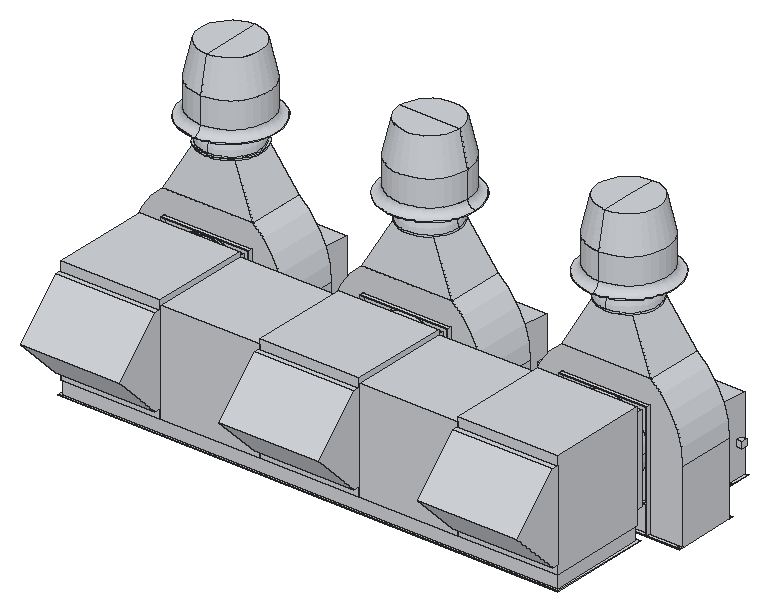
Revit family "Triple_CAVP_with_Mixing_Box", category Mechanical Equipment, Revit 2019 (continued)
Types (228): name | TRIP_Q | TRANSITION/2 | TRANSITION | RO2/2 | RO/2 | MB_P+MB_P+.5 | E/52*30 | E/2-H/2 | E-N-N-H | E-(NOZZLE_RAD/3*2) | TRIP_Q-4.5" | DUAL_Q+.25" | DUAL_Q | R-((B/2)+1.5") | R+((B/2)+1.5") | R*1.1 | R | MB_P-4.5" | MB_P+.25" | P | NOZZLE_WB_RAD-2" | NOZZLE_WB_RAD | NOZZLE_WB_OD | NOZZLE_WB/4 | NOZZLE_TOP_RAD | NOZZLE_TOP_OD | NOZZLE_SIZE | NOZZLE_HEIGHT/7*2 | NOZZLE_HEIGHT | NOZZLE_BOTTOM_RAD-3*2 | NOZZLE_BOTTOM_RAD | NOZZLE_BOTTOM_ID | MB_N-(D-J-K-L) | N+(H/2) | N | MB_Q | MB_P | MB_N | MB_HEIGHT/2 | MB_HEIGHT | MB_F | MB_A | M-(2*(D-L-K-J)) | M | L | K | J+K+L | J | HEIGHT | H/2 | H | F/2 | MB_F-3" | F | E/52*15 | E/2 | E | D-M | D-L-K-J | D | CLASS | C/2 | C | B/4 | B/2 | B | A/2 | A | Type Comments | -MB_P-.25 | -MB_P | -MB_HEIGHT | -(F-((F-H)/2))/2 | -((MB_Q / 2) + 1/8") | (NOZZLE_WB_OD - NOZZLE_TOP_OD) / 4 | (NOZZLE_HEIGHT - (NOZZLE_HEIGHT / 8 * 2)) / 2 | (MB_Q/2)+.125" | (MB_P/2-.125")-((F / 2) - 2") | (MB_P/2-.125")+((F / 2) - 2") | (MB_P/2)+.125" | (M - (2 * (D - L - K - J)))/2 | (F-((F-H)/2))/2 | (E/2)-(E/52*15) | (E/2)-((MB_P/2)+.125") | (E/2)-((B/2)+1.5") | (D-J-K-L)*2 | (B/2)-.125" | (B/2)+1.5" | ((M - (2 * (D - L - K - J))) / 2) + (TRANSITION / 2)
  Triple_300_CAVP-12H_CLASS_1_With_Mixing_Box | 230 3/4" | 6.0325" | 12.06501" | 113 1/8" | 20 3/4" | 92 1/2" | 36.77885" | 14 3/16" | 2" | 26 3/16" | 226 1/4" | 138 5/8" | 138 3/8" | 11 1/32" | 48 31/32" | 33" | 30" | 41 1/2" | 46 1/4" | 60" | 12" | 14" | 28" | 5.6" | 9 3/4" | 19 1/2" | 12" | 8" | 32" | 2 17/32" | 8 17/32" | 17 1/16" | 13 3/16" | 29 7/8" | 12 3/16" | 46" | 46" | 14 3/16" | 25 3/8" | 50 3/4" | 7 3/4" | 140 1/8" | 23 3/16" | 25 3/16" | 27 3/16" | 19 1/8" | 56 5/16" | 10" | 57.83963" | 17 11/16" | 35 3/8" | 18 11/16" | 4 3/4" | 37 3/8" | 18.38942" | 31 7/8" | 63 3/4" | 32 1/8" | 1" | 57 5/16" | 1" | 37 15/32" | 74 15/16" | 8 47/64" | 17 15/32" | 34 15/16" | 61 7/32" | 122 7/16" | "Triple Vari-Plume Laboratory Exhaust Centrifugal Airfoil Class 1 Arr 10 With Mixing Box" | -46 1/4" | -46" | -50 3/4" | -16 11/16" | -23 1/8" | 2 1/8" | 12" | 23 1/8" | -6 3/16" | -39 9/16" | 23 1/8" | 11 19/32" | 16 11/16" | 13.48558" | 8 3/4" | 12 29/32" | 2" | 17 11/32" | 18 31/32" | 17.62625"
  Triple_300_CAVP-15L_CLASS_1_With_Mixing_Box | 230 3/4" | 7.5572" | 15.11441" | 113 1/8" | 20 3/4" | 92 1/2" | 36.77885" | 14 3/16" | 2" | 24 3/4" | 226 1/4" | 138 5/8" | 138 3/8" | 11 1/32" | 48 31/32" | 33" | 30" | 41 1/2" | 46 1/4" | 60" | 16" | 18" | 36" | 7.2" | 11 1/2" | 23" | 15" | 10 3/4" | 43" | 4 11/16" | 10 11/16" | 21 3/8" | 13 3/16" | 29 7/8" | 12 3/16" | 46" | 46" | 14 3/16" | 25 3/8" | 50 3/4" | 7 3/4" | 140 1/8" | 23 3/16" | 25 3/16" | 27 3/16" | 19 1/8" | 56 5/16" | 10" | 57.83963" | 17 11/16" | 35 3/8" | 18 11/16" | 4 3/4" | 37 3/8" | 18.38942" | 31 7/8" | 63 3/4" | 32 1/8" | 1" | 57 5/16" | 1" | 37 15/32" | 74 15/16" | 8 47/64" | 17 15/32" | 34 15/16" | 61 7/32" | 122 7/16" | "Triple Vari-Plume Laboratory Exhaust Centrifugal Airfoil Class 1 Arr 10 With Mixing Box" | -46 1/4" | -46" | -50 3/4" | -16 11/16" | -23 1/8" | 3 1/4" | 16 1/8" | 23 1/8" | -6 3/16" | -39 9/16" | 23 1/8" | 11 19/32" | 16 11/16" | 13.48558" | 8 3/4" | 12 29/32" | 2" | 17 11/32" | 18 31/32" | 19.15095"
  Triple_300_CAVP-15H_CLASS_1_With_Mixing_Box | 230 3/4" | 7.5572" | 15.11441" | 113 1/8" | 20 3/4" | 92 1/2" | 36.77885" | 14 3/16" | 2" | 24 3/4" | 226 1/4" | 138 5/8" | 138 3/8" | 11 1/32" | 48 31/32" | 33" | 30" | 41 1/2" | 46 1/4" | 60" | 16" | 18" | 36" | 7.2" | 11 1/2" | 23" | 15" | 10 3/4" | 43" | 4 11/16" | 10 11/16" | 21 3/8" | 13 3/16" | 29 7/8" | 12 3/16" | 46" | 46" | 14 3/16" | 25 3/8" | 50 3/4" | 7 3/4" | 140 1/8" | 23 3/16" | 25 3/16" | 27 3/16" | 19 1/8" | 56 5/16" | 10" | 57.83963" | 17 11/16" | 35 3/8" | 18 11/16" | 4 3/4" | 37 3/8" | 18.38942" | 31 7/8" | 63 3/4" | 32 1/8" | 1" | 57 5/16" | 1" | 37 15/32" | 74 15/16" | 8 47/64" | 17 15/32" | 34 15/16" | 61 7/32" | 122 7/16" | "Triple Vari-Plume Laboratory Exhaust Centrifugal Airfoil Class 1 Arr 10 With Mixing Box" | -46 1/4" | -46" | -50 3/4" | -16 11/16" | -23 1/8" | 3 1/4" | 16 1/8" | 23 1/8" | -6 3/16" | -39 9/16" | 23 1/8" | 11 19/32" | 16 11/16" | 13.48558" | 8 3/4" | 12 29/32" | 2" | 17 11/32" | 18 31/32" | 19.15095"
  Triple_300_CAVP-18L_CLASS_1_With_Mixing_Box | 230 3/4" | 9.05981" | 18.11961" | 113 1/8" | 20 3/4" | 92 1/2" | 36.77885" | 14 3/16" | 2" | 23.33333" | 226 1/4" | 138 5/8" | 138 3/8" | 11 1/32" | 48 31/32" | 33" | 30" | 41 1/2" | 46 1/4" | 60" | 19 1/2" | 21 1/2" | 43" | 8.6" | 13 3/4" | 27 1/2" | 18" | 12" | 48" | 6 13/16" | 12 13/16" | 25 5/8" | 13 3/16" | 29 7/8" | 12 3/16" | 46" | 46" | 14 3/16" | 25 3/8" | 50 3/4" | 140 1/8" | 248 1/128" | 23 3/16" | 25 3/16" | 27 3/16" | 19 1/8" | 56 5/16" | 10" | 57.83963" | 17 11/16" | 35 3/8" | 18 11/16" | 137 1/8" | 37 3/8" | 18.38942" | 31 7/8" | 63 3/4" | 32 1/8" | 1" | 57 5/16" | 1" | 37 15/32" | 74 15/16" | 8 47/64" | 17 15/32" | 34 15/16" | 61 7/32" | 122 7/16" | "Triple Vari-Plume Laboratory Exhaust Centrifugal Airfoil Class 1 Arr 10 With Mixing Box" | -46 1/4" | -46" | -50 3/4" | -16 11/16" | -23 1/8" | 3 7/8" | 18" | 23 1/8" | -6 3/16" | -39 9/16" | 23 1/8" | 11 19/32" | 16 11/16" | 13.48558" | 8 3/4" | 12 29/32" | 2" | 17 11/32" | 18 31/32" | 20.65356"
  Triple_300_CAVP-18H_CLASS_1_With_Mixing_Box | 230 3/4" | 9.05981" | 18.11961" | 113 1/8" | 20 3/4" | 92 1/2" | 36.77885" | 14 3/16" | 2" | 23.33333" | 226 1/4" | 138 5/8" | 138 3/8" | 11 1/32" | 48 31/32" | 33" | 30" | 41 1/2" | 46 1/4" | 60" | 19 1/2" | 21 1/2" | 43" | 8.6" | 13 3/4" | 27 1/2" | 18" | 12" | 48" | 6 13/16" | 12 13/16" | 25 5/8" | 13 3/16" | 29 7/8" | 12 3/16" | 46" | 46" | 14 3/16" | 25 3/8" | 50 3/4" | 7 3/4" | 140 1/8" | 23 3/16" | 25 3/16" | 27 3/16" | 19 1/8" | 56 5/16" | 10" | 57.83963" | 17 11/16" | 35 3/8" | 18 11/16" | 4 3/4" | 37 3/8" | 18.38942" | 31 7/8" | 63 3/4" | 32 1/8" | 1" | 57 5/16" | 1" | 37 15/32" | 74 15/16" | 8 47/64" | 17 15/32" | 34 15/16" | 61 7/32" | 122 7/16" | "Triple Vari-Plume Laboratory Exhaust Centrifugal Airfoil Class 1 Arr 10 With Mixing Box" | -46 1/4" | -46" | -50 3/4" | -16 11/16" | -23 1/8" | 3 7/8" | 18" | 23 1/8" | -6 3/16" | -39 9/16" | 23 1/8" | 11 19/32" | 16 11/16" | 13.48558" | 8 3/4" | 12 29/32" | 2" | 17 11/32" | 18 31/32" | 20.65356"
  Triple_300_CAVP-12L_CLASS_2_With_Mixing_Box | 230 3/4" | 6.0325" | 12.06501" | 113 1/8" | 20 3/4" | 92 1/2" | 36.77885" | 14 3/16" | 2" | 26 3/16" | 226 1/4" | 138 5/8" | 138 3/8" | 11 1/32" | 48 31/32" | 33" | 30" | 41 1/2" | 46 1/4" | 18 1/4" | 12" | 14" | 28" | 5.6" | 9 3/4" | 19 1/2" | 12" | 8" | 32" | 2 17/32" | 8 17/32" | 17 1/16" | 13 3/16" | 29 7/8" | 12 3/16" | 46" | 46" | 14 3/16" | 25 3/8" | 50 3/4" | 7 3/4" | 144" | 23 3/16" | 25 3/16" | 27 3/16" | 23" | 60 3/16" | 10" | 57.83963" | 17 11/16" | 35 3/8" | 18 11/16" | 4 3/4" | 37 3/8" | 18.38942" | 31 7/8" | 63 3/4" | 36" | 1" | 61 3/16" | 2" | 37 15/32" | 74 15/16" | 8 47/64" | 17 15/32" | 34 15/16" | 61 7/32" | 122 7/16" | "Triple Vari-Plume Laboratory Exhaust Centrifugal Airfoil Class 2 Arr 10 With Mixing Box" | -46 1/4" | -46" | -50 3/4" | -16 11/16" | -23 1/8" | 2 1/8" | 12" | 23 1/8" | -6 3/16" | -39 9/16" | 23 1/8" | 11 19/32" | 16 11/16" | 13.48558" | 8 3/4" | 12 29/32" | 2" | 17 11/32" | 18 31/32" | 17.62625"
  Triple_300_CAVP-12H_CLASS_2_With_Mixing_Box | 230 3/4" | 6.0325" | 12.06501" | 113 1/8" | 20 3/4" | 92 1/2" | 36.77885" | 14 3/16" | 2" | 26 3/16" | 226 1/4" | 138 5/8" | 138 3/8" | 11 1/32" | 48 31/32" | 33" | 30" | 41 1/2" | 46 1/4" | 18 1/4" | 12" | 14" | 28" | 5.6" | 9 3/4" | 19 1/2" | 12" | 8" | 32" | 2 17/32" | 8 17/32" | 17 1/16" | 13 3/16" | 29 7/8" | 12 3/16" | 46" | 46" | 14 3/16" | 25 3/8" | 50 3/4" | 7 3/4" | 144" | 23 3/16" | 25 3/16" | 27 3/16" | 23" | 60 3/16" | 10" | 57.83963" | 17 11/16" | 35 3/8" | 18 11/16" | 4 3/4" | 37 3/8" | 18.38942" | 31 7/8" | 63 3/4" | 36" | 1" | 61 3/16" | 2" | 37 15/32" | 74 15/16" | 8 47/64" | 17 15/32" | 34 15/16" | 61 7/32" | 122 7/16" | "Triple Vari-Plume Laboratory Exhaust Centrifugal Airfoil Class 2 Arr 10 With Mixing Box" | -46 1/4" | -46" | -50 3/4" | -16 11/16" | -23 1/8" | 2 1/8" | 12" | 23 1/8" | -6 3/16" | -39 9/16" | 23 1/8" | 11 19/32" | 16 11/16" | 13.48558" | 8 3/4" | 12 29/32" | 2" | 17 11/32" | 18 31/32" | 17.62625"
  Triple_300_CAVP-15L_CLASS_2_With_Mixing_Box | 230 3/4" | 7.5572" | 15.11441" | 113 1/8" | 20 3/4" | 92 1/2" | 36.77885" | 14 3/16" | 2" | 24 3/4" | 226 1/4" | 138 5/8" | 138 3/8" | 11 1/32" | 48 31/32" | 33" | 30" | 41 1/2" | 46 1/4" | 18 1/4" | 16" | 18" | 36" | 7.2" | 11 1/2" | 23" | 15" | 10 3/4" | 43" | 4 11/16" | 10 11/16" | 21 3/8" | 13 3/16" | 29 7/8" | 12 3/16" | 46" | 46" | 14 3/16" | 25 3/8" | 50 3/4" | 7 3/4" | 144" | 23 3/16" | 25 3/16" | 27 3/16" | 23" | 60 3/16" | 10" | 57.83963" | 17 11/16" | 35 3/8" | 18 11/16" | 4 3/4" | 37 3/8" | 18.38942" | 31 7/8" | 63 3/4" | 36" | 1" | 61 3/16" | 2" | 37 15/32" | 74 15/16" | 8 47/64" | 17 15/32" | 34 15/16" | 61 7/32" | 122 7/16" | "Triple Vari-Plume Laboratory Exhaust Centrifugal Airfoil Class 2 Arr 10 With Mixing Box" | -46 1/4" | -46" | -50 3/4" | -16 11/16" | -23 1/8" | 3 1/4" | 16 1/8" | 23 1/8" | -6 3/16" | -39 9/16" | 23 1/8" | 11 19/32" | 16 11/16" | 13.48558" | 8 3/4" | 12 29/32" | 2" | 17 11/32" | 18 31/32" | 19.15095"
  Triple_300_CAVP-15H_CLASS_2_With_Mixing_Box | 230 3/4" | 7.5572" | 15.11441" | 113 1/8" | 20 3/4" | 92 1/2" | 36.77885" | 14 3/16" | 2" | 24 3/4" | 226 1/4" | 138 5/8" | 138 3/8" | 11 1/32" | 48 31/32" | 33" | 30" | 41 1/2" | 46 1/4" | 18 1/4" | 16" | 18" | 36" | 7.2" | 11 1/2" | 23" | 15" | 10 3/4" | 43" | 4 11/16" | 10 11/16" | 21 3/8" | 13 3/16" | 29 7/8" | 12 3/16" | 46" | 46" | 14 3/16" | 25 3/8" | 50 3/4" | 7 3/4" | 144" | 23 3/16" | 25 3/16" | 27 3/16" | 23" | 60 3/16" | 10" | 57.83963" | 17 11/16" | 35 3/8" | 18 11/16" | 4 3/4" | 37 3/8" | 18.38942" | 31 7/8" | 63 3/4" | 36" | 1" | 61 3/16" | 2" | 37 15/32" | 74 15/16" | 8 47/64" | 17 15/32" | 34 15/16" | 61 7/32" | 122 7/16" | "Triple Vari-Plume Laboratory Exhaust Centrifugal Airfoil Class 2 Arr 10 With Mixing Box" | -46 1/4" | -46" | -50 3/4" | -16 11/16" | -23 1/8" | 3 1/4" | 16 1/8" | 23 1/8" | -6 3/16" | -39 9/16" | 23 1/8" | 11 19/32" | 16 11/16" | 13.48558" | 8 3/4" | 12 29/32" | 2" | 17 11/32" | 18 31/32" | 19.15095"
  Triple_300_CAVP-18L_CLASS_2_With_Mixing_Box | 230 3/4" | 9.05981" | 18.11961" | 113 1/8" | 20 3/4" | 92 1/2" | 36.77885" | 14 3/16" | 2" | 23.33333" | 226 1/4" | 138 5/8" | 138 3/8" | 11 1/32" | 48 31/32" | 33" | 30" | 41 1/2" | 46 1/4" | 18 1/4" | 19 1/2" | 21 1/2" | 43" | 8.6" | 13 3/4" | 27 1/2" | 18" | 12" | 48" | 6 13/16" | 12 13/16" | 25 5/8" | 13 3/16" | 29 7/8" | 12 3/16" | 46" | 46" | 14 3/16" | 25 3/8" | 50 3/4" | 7 3/4" | 144" | 23 3/16" | 25 3/16" | 27 3/16" | 23" | 60 3/16" | 10" | 57.83963" | 17 11/16" | 35 3/8" | 18 11/16" | 4 3/4" | 37 3/8" | 18.38942" | 31 7/8" | 63 3/4" | 36" | 1" | 61 3/16" | 2" | 37 15/32" | 74 15/16" | 8 47/64" | 17 15/32" | 34 15/16" | 61 7/32" | 122 7/16" | "Triple Vari-Plume Laboratory Exhaust Centrifugal Airfoil Class 2 Arr 10 With Mixing Box" | -46 1/4" | -46" | -50 3/4" | -16 11/16" | -23 1/8" | 3 7/8" | 18" | 23 1/8" | -6 3/16" | -39 9/16" | 23 1/8" | 11 19/32" | 16 11/16" | 13.48558" | 8 3/4" | 12 29/32" | 2" | 17 11/32" | 18 31/32" | 20.65356"
  Triple_300_CAVP-18H_CLASS_2_With_Mixing_Box | 230 3/4" | 9.05981" | 18.11961" | 113 1/8" | 20 3/4" | 92 1/2" | 36.77885" | 14 3/16" | 2" | 23.33333" | 226 1/4" | 138 5/8" | 138 3/8" | 11 1/32" | 48 31/32" | 33" | 30" | 41 1/2" | 46 1/4" | 18 1/4" | 19 1/2" | 21 1/2" | 43" | 8.6" | 13 3/4" | 27 1/2" | 18" | 12" | 48" | 6 13/16" | 12 13/16" | 25 5/8" | 13 3/16" | 29 7/8" | 12 3/16" | 46" | 46" | 14 3/16" | 25 3/8" | 50 3/4" | 7 3/4" | 144" | 23 3/16" | 25 3/16" | 27 3/16" | 23" | 60 3/16" | 10" | 57.83963" | 17 11/16" | 35 3/8" | 18 11/16" | 4 3/4" | 37 3/8" | 18.38942" | 31 7/8" | 63 3/4" | 36" | 1" | 61 3/16" | 2" | 37 15/32" | 74 15/16" | 8 47/64" | 17 15/32" | 34 15/16" | 61 7/32" | 122 7/16" | "Triple Vari-Plume Laboratory Exhaust Centrifugal Airfoil Class 2 Arr 10 With Mixing Box" | -46 1/4" | -46" | -50 3/4" | -16 11/16" | -23 1/8" | 3 7/8" | 18" | 23 1/8" | -6 3/16" | -39 9/16" | 23 1/8" | 11 19/32" | 16 11/16" | 13.48558" | 8 3/4" | 12 29/32" | 2" | 17 11/32" | 18 31/32" | 20.65356"
  Triple_330_CAVP-15L_CLASS_1_With_Mixing_Box | 245 3/4" | 7.5572" | 15.11441" | 120 5/8" | 22 1/4" | 98 1/2" | 40.34856" | 15 25/32" | 2" | 27 27/32" | 241 1/4" | 147 5/8" | 147 3/8" | 12 17/32" | 53 15/32" | 36.3" | 33" | 44 1/2" | 49 1/4" | 60" | 16" | 18" | 36" | 7.2" | 11 1/2" | 23" | 15" | 10 3/4" | 43" | 4 11/16" | 10 11/16" | 21 3/8" | 13 3/16" | 32 31/32" | 13 25/32" | 49" | 49" | 14 3/16" | 26 7/8" | 53 3/4" | 9 1/4" | 148 1/16" | 25 1/2" | 27 1/2" | 29 1/2" | 19 1/4" | 59 1/4" | 10 1/2" | 63.54171" | 19 3/16" | 38 3/8" | 20 3/16" | 6 1/4" | 40 3/8" | 20.17428" | 34 31/32" | 69 15/16" | 32 3/4" | 1" | 60 1/4" | 1" | 41 13/32" | 82 13/16" | 9 31/64" | 18 31/32" | 37 15/16" | 72 7/32" | 144 7/16" | "Triple Vari-Plume Laboratory Exhaust Centrifugal Airfoil Class 1 Arr 10 With Mixing Box" | -49 1/4" | -49" | -53 3/4" | -18 3/16" | -24 5/8" | 3 1/4" | 16 1/8" | 24 5/8" | -6 3/16" | -42 9/16" | 24 5/8" | 12 3/4" | 18 3/16" | 14.79447" | 10 11/32" | 14 1/2" | 2" | 18 27/32" | 20 15/32" | 20.3072"
  Triple_330_CAVP-15H_CLASS_1_With_Mixing_Box | 245 3/4" | 7.5572" | 15.11441" | 120 5/8" | 22 1/4" | 98 1/2" | 40.34856" | 15 25/32" | 2" | 27 27/32" | 241 1/4" | 147 5/8" | 147 3/8" | 12 17/32" | 53 15/32" | 36.3" | 33" | 44 1/2" | 49 1/4" | 60" | 16" | 18" | 36" | 7.2" | 11 1/2" | 23" | 15" | 10 3/4" | 43" | 4 11/16" | 10 11/16" | 21 3/8" | 13 3/16" | 32 31/32" | 13 25/32" | 49" | 49" | 14 3/16" | 26 7/8" | 53 3/4" | 9 1/4" | 148 1/16" | 25 1/2" | 27 1/2" | 29 1/2" | 19 1/4" | 59 1/4" | 10 1/2" | 63.54171" | 19 3/16" | 38 3/8" | 20 3/16" | 6 1/4" | 40 3/8" | 20.17428" | 34 31/32" | 69 15/16" | 32 3/4" | 1" | 60 1/4" | 1" | 41 13/32" | 82 13/16" | 9 31/64" | 18 31/32" | 37 15/16" | 72 7/32" | 144 7/16" | "Triple Vari-Plume Laboratory Exhaust Centrifugal Airfoil Class 1 Arr 10 With Mixing Box" | -49 1/4" | -49" | -53 3/4" | -18 3/16" | -24 5/8" | 3 1/4" | 16 1/8" | 24 5/8" | -6 3/16" | -42 9/16" | 24 5/8" | 12 3/4" | 18 3/16" | 14.79447" | 10 11/32" | 14 1/2" | 2" | 18 27/32" | 20 15/32" | 20.3072"
  Triple_330_CAVP-18L_CLASS_1_With_Mixing_Box | 245 3/4" | 9.05981" | 18.11961" | 120 5/8" | 22 1/4" | 98 1/2" | 40.34856" | 15 25/32" | 2" | 26.42708" | 241 1/4" | 147 5/8" | 147 3/8" | 12 17/32" | 53 15/32" | 36.3" | 33" | 44 1/2" | 49 1/4" | 60" | 19 1/2" | 21 1/2" | 43" | 8.6" | 13 3/4" | 27 1/2" | 18" | 12" | 48" | 6 13/16" | 12 13/16" | 25 5/8" | 13 3/16" | 32 31/32" | 13 25/32" | 49" | 49" | 14 3/16" | 26 7/8" | 53 3/4" | 9 1/4" | 148 1/16" | 25 1/2" | 27 1/2" | 29 1/2" | 19 1/4" | 59 1/4" | 10 1/2" | 63.54171" | 19 3/16" | 38 3/8" | 20 3/16" | 6 1/4" | 40 3/8" | 20.17428" | 34 31/32" | 69 15/16" | 32 3/4" | 1" | 60 1/4" | 1" | 41 13/32" | 82 13/16" | 9 31/64" | 18 31/32" | 37 15/16" | 72 7/32" | 144 7/16" | "Triple Vari-Plume Laboratory Exhaust Centrifugal Airfoil Class 1 Arr 10 With Mixing Box" | -49 1/4" | -49" | -53 3/4" | -18 3/16" | -24 5/8" | 3 7/8" | 18" | 24 5/8" | -6 3/16" | -42 9/16" | 24 5/8" | 12 3/4" | 18 3/16" | 14.79447" | 10 11/32" | 14 1/2" | 2" | 18 27/32" | 20 15/32" | 21.80981"
  Triple_330_CAVP-18H_CLASS_1_With_Mixing_Box | 245 3/4" | 9.05981" | 18.11961" | 120 5/8" | 22 1/4" | 98 1/2" | 40.34856" | 15 25/32" | 2" | 26.42708" | 241 1/4" | 147 5/8" | 147 3/8" | 12 17/32" | 53 15/32" | 36.3" | 33" | 44 1/2" | 49 1/4" | 60" | 19 1/2" | 21 1/2" | 43" | 8.6" | 13 3/4" | 27 1/2" | 18" | 12" | 48" | 6 13/16" | 12 13/16" | 25 5/8" | 13 3/16" | 32 31/32" | 13 25/32" | 49" | 49" | 14 3/16" | 26 7/8" | 53 3/4" | 9 1/4" | 148 1/16" | 25 1/2" | 27 1/2" | 29 1/2" | 19 1/4" | 59 1/4" | 10 1/2" | 63.54171" | 19 3/16" | 38 3/8" | 20 3/16" | 6 1/4" | 40 3/8" | 20.17428" | 34 31/32" | 69 15/16" | 32 3/4" | 1" | 60 1/4" | 1" | 41 13/32" | 82 13/16" | 9 31/64" | 18 31/32" | 37 15/16" | 72 7/32" | 144 7/16" | "Triple Vari-Plume Laboratory Exhaust Centrifugal Airfoil Class 1 Arr 10 With Mixing Box" | -49 1/4" | -49" | -53 3/4" | -18 3/16" | -24 5/8" | 3 7/8" | 18" | 24 5/8" | -6 3/16" | -42 9/16" | 24 5/8" | 12 3/4" | 18 3/16" | 14.79447" | 10 11/32" | 14 1/2" | 2" | 18 27/32" | 20 15/32" | 21.80981"
  Triple_330_CAVP-24L_CLASS_1_With_Mixing_Box | 245 3/4" | 12.28598" | 24.57196" | 120 5/8" | 22 1/4" | 98 1/2" | 40.34856" | 15 25/32" | 2" | 23.38542" | 241 1/4" | 147 5/8" | 147 3/8" | 12 17/32" | 53 15/32" | 36.3" | 33" | 44 1/2" | 49 1/4" | 60" | 28 1/2" | 30 1/2" | 61" | 12.2" | 18 1/4" | 36 1/2" | 24" | 15 1/2" | 62" | 11 3/8" | 17 3/8" | 34 3/4" | 13 3/16" | 32 31/32" | 13 25/32" | 49" | 49" | 14 3/16" | 26 7/8" | 53 3/4" | 9 1/4" | 148 1/16" | 25 1/2" | 27 1/2" | 29 1/2" | 19 1/4" | 59 1/4" | 10 1/2" | 63.54171" | 19 3/16" | 38 3/8" | 20 3/16" | 6 1/4" | 40 3/8" | 20.17428" | 34 31/32" | 69 15/16" | 32 3/4" | 1" | 60 1/4" | 1" | 41 13/32" | 82 13/16" | 9 31/64" | 18 31/32" | 37 15/16" | 72 7/32" | 144 7/16" | "Triple Vari-Plume Laboratory Exhaust Centrifugal Airfoil Class 1 Arr 10 With Mixing Box" | -49 1/4" | -49" | -53 3/4" | -18 3/16" | -24 5/8" | 6 1/8" | 23 1/4" | 24 5/8" | -6 3/16" | -42 9/16" | 24 5/8" | 12 3/4" | 18 3/16" | 14.79447" | 10 11/32" | 14 1/2" | 2" | 18 27/32" | 20 15/32" | 25.03598"
  Triple_330_CAVP-24H_CLASS_1_With_Mixing_Box | 245 3/4" | 12.28598" | 24.57196" | 120 5/8" | 22 1/4" | 98 1/2" | 40.34856" | 15 25/32" | 2" | 23.38542" | 241 1/4" | 147 5/8" | 147 3/8" | 12 17/32" | 53 15/32" | 36.3" | 33" | 44 1/2" | 49 1/4" | 60" | 28 1/2" | 30 1/2" | 61" | 12.2" | 18 1/4" | 36 1/2" | 24" | 15 1/2" | 62" | 11 3/8" | 17 3/8" | 34 3/4" | 13 3/16" | 32 31/32" | 13 25/32" | 49" | 49" | 14 3/16" | 26 7/8" | 53 3/4" | 9 1/4" | 148 1/16" | 25 1/2" | 27 1/2" | 29 1/2" | 19 1/4" | 59 1/4" | 10 1/2" | 63.54171" | 19 3/16" | 38 3/8" | 20 3/16" | 6 1/4" | 40 3/8" | 20.17428" | 34 31/32" | 69 15/16" | 32 3/4" | 1" | 60 1/4" | 1" | 41 13/32" | 82 13/16" | 9 31/64" | 18 31/32" | 37 15/16" | 72 7/32" | 144 7/16" | "Triple Vari-Plume Laboratory Exhaust Centrifugal Airfoil Class 1 Arr 10 With Mixing Box" | -49 1/4" | -49" | -53 3/4" | -18 3/16" | -24 5/8" | 6 1/8" | 23 1/4" | 24 5/8" | -6 3/16" | -42 9/16" | 24 5/8" | 12 3/4" | 18 3/16" | 14.79447" | 10 11/32" | 14 1/2" | 2" | 18 27/32" | 20 15/32" | 25.03598"
  Triple_330_CAVP-15L_CLASS_2_With_Mixing_Box | 245 3/4" | 7.5572" | 15.11441" | 120 5/8" | 22 1/4" | 98 1/2" | 40.34856" | 15 25/32" | 2" | 27 27/32" | 241 1/4" | 147 5/8" | 147 3/8" | 12 17/32" | 53 15/32" | 36.3" | 33" | 44 1/2" | 49 1/4" | 60" | 16" | 18" | 36" | 7.2" | 11 1/2" | 23" | 15" | 10 3/4" | 43" | 4 11/16" | 10 11/16" | 21 3/8" | 13 3/16" | 32 31/32" | 13 25/32" | 49" | 49" | 14 3/16" | 26 7/8" | 53 3/4" | 9 1/4" | 151 13/16" | 25 1/2" | 27 1/2" | 29 1/2" | 23" | 63" | 10 1/2" | 63.54171" | 19 3/16" | 38 3/8" | 20 3/16" | 6 1/4" | 40 3/8" | 20.17428" | 34 31/32" | 69 15/16" | 36 1/2" | 1" | 64" | 2" | 41 13/32" | 82 13/16" | 9 31/64" | 18 31/32" | 37 15/16" | 72 7/32" | 144 7/16" | "Triple Vari-Plume Laboratory Exhaust Centrifugal Airfoil Class 2 Arr 10 With Mixing Box" | -49 1/4" | -49" | -53 3/4" | -18 3/16" | -24 5/8" | 3 1/4" | 16 1/8" | 24 5/8" | -6 3/16" | -42 9/16" | 24 5/8" | 12 3/4" | 18 3/16" | 14.79447" | 10 11/32" | 14 1/2" | 2" | 18 27/32" | 20 15/32" | 20.3072"
  Triple_330_CAVP-15H_CLASS_2_With_Mixing_Box | 245 3/4" | 7.5572" | 15.11441" | 120 5/8" | 22 1/4" | 98 1/2" | 40.34856" | 15 25/32" | 2" | 27 27/32" | 241 1/4" | 147 5/8" | 147 3/8" | 12 17/32" | 53 15/32" | 36.3" | 33" | 44 1/2" | 49 1/4" | 60" | 16" | 18" | 36" | 7.2" | 11 1/2" | 23" | 15" | 10 3/4" | 43" | 4 11/16" | 10 11/16" | 21 3/8" | 13 3/16" | 32 31/32" | 13 25/32" | 49" | 49" | 14 3/16" | 26 7/8" | 53 3/4" | 9 1/4" | 151 13/16" | 25 1/2" | 27 1/2" | 29 1/2" | 23" | 63" | 10 1/2" | 63.54171" | 19 3/16" | 38 3/8" | 20 3/16" | 6 1/4" | 40 3/8" | 20.17428" | 34 31/32" | 69 15/16" | 36 1/2" | 1" | 64" | 2" | 41 13/32" | 82 13/16" | 9 31/64" | 18 31/32" | 37 15/16" | 72 7/32" | 144 7/16" | "Triple Vari-Plume Laboratory Exhaust Centrifugal Airfoil Class 2 Arr 10 With Mixing Box" | -49 1/4" | -49" | -53 3/4" | -18 3/16" | -24 5/8" | 3 1/4" | 16 1/8" | 24 5/8" | -6 3/16" | -42 9/16" | 24 5/8" | 12 3/4" | 18 3/16" | 14.79447" | 10 11/32" | 14 1/2" | 2" | 18 27/32" | 20 15/32" | 20.3072"
  Triple_330_CAVP-18L_CLASS_2_With_Mixing_Box | 245 3/4" | 9.05981" | 18.11961" | 120 5/8" | 22 1/4" | 98 1/2" | 40.34856" | 15 25/32" | 2" | 26.42708" | 241 1/4" | 147 5/8" | 147 3/8" | 12 17/32" | 53 15/32" | 36.3" | 33" | 44 1/2" | 49 1/4" | 60" | 19 1/2" | 21 1/2" | 43" | 8.6" | 13 3/4" | 27 1/2" | 18" | 12" | 48" | 6 13/16" | 12 13/16" | 25 5/8" | 13 3/16" | 32 31/32" | 13 25/32" | 49" | 49" | 14 3/16" | 26 7/8" | 53 3/4" | 9 1/4" | 151 13/16" | 25 1/2" | 27 1/2" | 29 1/2" | 23" | 63" | 10 1/2" | 63.54171" | 19 3/16" | 38 3/8" | 20 3/16" | 6 1/4" | 40 3/8" | 20.17428" | 34 31/32" | 69 15/16" | 36 1/2" | 1" | 64" | 2" | 41 13/32" | 82 13/16" | 9 31/64" | 18 31/32" | 37 15/16" | 72 7/32" | 144 7/16" | "Triple Vari-Plume Laboratory Exhaust Centrifugal Airfoil Class 2 Arr 10 With Mixing Box" | -49 1/4" | -49" | -53 3/4" | -18 3/16" | -24 5/8" | 3 7/8" | 18" | 24 5/8" | -6 3/16" | -42 9/16" | 24 5/8" | 12 3/4" | 18 3/16" | 14.79447" | 10 11/32" | 14 1/2" | 2" | 18 27/32" | 20 15/32" | 21.80981"
  Triple_330_CAVP-18H_CLASS_2_With_Mixing_Box | 245 3/4" | 9.05981" | 18.11961" | 120 5/8" | 22 1/4" | 98 1/2" | 40.34856" | 15 25/32" | 2" | 26.42708" | 241 1/4" | 147 5/8" | 147 3/8" | 12 17/32" | 53 15/32" | 36.3" | 33" | 44 1/2" | 49 1/4" | 60" | 19 1/2" | 21 1/2" | 43" | 8.6" | 13 3/4" | 27 1/2" | 18" | 12" | 48" | 6 13/16" | 12 13/16" | 25 5/8" | 13 3/16" | 32 31/32" | 13 25/32" | 49" | 49" | 14 3/16" | 26 7/8" | 53 3/4" | 9 1/4" | 151 13/16" | 25 1/2" | 27 1/2" | 29 1/2" | 23" | 63" | 10 1/2" | 63.54171" | 19 3/16" | 38 3/8" | 20 3/16" | 6 1/4" | 40 3/8" | 20.17428" | 34 31/32" | 69 15/16" | 36 1/2" | 1" | 64" | 2" | 41 13/32" | 82 13/16" | 9 31/64" | 18 31/32" | 37 15/16" | 72 7/32" | 144 7/16" | "Triple Vari-Plume Laboratory Exhaust Centrifugal Airfoil Class 2 Arr 10 With Mixing Box" | -49 1/4" | -49" | -53 3/4" | -18 3/16" | -24 5/8" | 3 7/8" | 18" | 24 5/8" | -6 3/16" | -42 9/16" | 24 5/8" | 12 3/4" | 18 3/16" | 14.79447" | 10 11/32" | 14 1/2" | 2" | 18 27/32" | 20 15/32" | 21.80981"
  Triple_330_CAVP-24L_CLASS_2_With_Mixing_Box | 245 3/4" | 12.28598" | 24.57196" | 120 5/8" | 22 1/4" | 98 1/2" | 40.34856" | 15 25/32" | 2" | 23.38542" | 241 1/4" | 147 5/8" | 147 3/8" | 12 17/32" | 53 15/32" | 36.3" | 33" | 44 1/2" | 49 1/4" | 60" | 28 1/2" | 30 1/2" | 61" | 12.2" | 18 1/4" | 36 1/2" | 24" | 15 1/2" | 62" | 11 3/8" | 17 3/8" | 34 3/4" | 13 3/16" | 32 31/32" | 13 25/32" | 49" | 49" | 14 3/16" | 26 7/8" | 53 3/4" | 9 1/4" | 151 13/16" | 25 1/2" | 27 1/2" | 29 1/2" | 23" | 63" | 10 1/2" | 63.54171" | 19 3/16" | 38 3/8" | 20 3/16" | 6 1/4" | 40 3/8" | 20.17428" | 34 31/32" | 69 15/16" | 36 1/2" | 1" | 64" | 2" | 41 13/32" | 82 13/16" | 9 31/64" | 18 31/32" | 37 15/16" | 72 7/32" | 144 7/16" | "Triple Vari-Plume Laboratory Exhaust Centrifugal Airfoil Class 2 Arr 10 With Mixing Box" | -49 1/4" | -49" | -53 3/4" | -18 3/16" | -24 5/8" | 6 1/8" | 23 1/4" | 24 5/8" | -6 3/16" | -42 9/16" | 24 5/8" | 12 3/4" | 18 3/16" | 14.79447" | 10 11/32" | 14 1/2" | 2" | 18 27/32" | 20 15/32" | 25.03598"
  Triple_330_CAVP-24H_CLASS_2_With_Mixing_Box | 245 3/4" | 12.28598" | 24.57196" | 120 5/8" | 22 1/4" | 98 1/2" | 40.34856" | 15 25/32" | 2" | 23.38542" | 241 1/4" | 147 5/8" | 147 3/8" | 12 17/32" | 53 15/32" | 36.3" | 33" | 44 1/2" | 49 1/4" | 60" | 28 1/2" | 30 1/2" | 61" | 12.2" | 18 1/4" | 36 1/2" | 24" | 15 1/2" | 62" | 11 3/8" | 17 3/8" | 34 3/4" | 13 3/16" | 32 31/32" | 13 25/32" | 49" | 49" | 14 3/16" | 26 7/8" | 53 3/4" | 9 1/4" | 151 13/16" | 25 1/2" | 27 1/2" | 29 1/2" | 23" | 63" | 10 1/2" | 63.54171" | 19 3/16" | 38 3/8" | 20 3/16" | 6 1/4" | 40 3/8" | 20.17428" | 34 31/32" | 69 15/16" | 36 1/2" | 1" | 64" | 2" | 41 13/32" | 82 13/16" | 9 31/64" | 18 31/32" | 37 15/16" | 72 7/32" | 144 7/16" | "Triple Vari-Plume Laboratory Exhaust Centrifugal Airfoil Class 2 Arr 10 With Mixing Box" | -49 1/4" | -49" | -53 3/4" | -18 3/16" | -24 5/8" | 6 1/8" | 23 1/4" | 24 5/8" | -6 3/16" | -42 9/16" | 24 5/8" | 12 3/4" | 18 3/16" | 14.79447" | 10 11/32" | 14 1/2" | 2" | 18 27/32" | 20 15/32" | 25.03598"
  Triple_365_CAVP-15L_CLASS_1_With_Mixing_Box | 260 3/4" | 7.5572" | 15.11441" | 128 1/8" | 23 3/4" | 104 1/2" | 44.60337" | 17 7/32" | 2" | 31 17/32" | 256 1/4" | 156 5/8" | 156 3/8" | 13 9/32" | 58 23/32" | 39.6" | 36" | 47 1/2" | 52 1/4" | 18 1/4" | 16" | 18" | 36" | 7.2" | 11 1/2" | 23" | 15" | 10 3/4" | 43" | 4 11/16" | 10 11/16" | 21 3/8" | 13 3/16" | 36 21/32" | 15 7/32" | 52" | 52" | 14 3/16" | 29 1/8" | 58 1/4" | 10 1/2" | 160 5/16" | 28 1/8" | 30 1/8" | 32 1/8" | 22 3/4" | 65 7/8" | 11" | 69.76237" | 21 7/16" | 42 7/8" | 22 7/16" | 7 1/2" | 44 7/8" | 22.30168" | 38 21/32" | 77 5/16" | 36 3/4" | 1" | 66 7/8" | 1" | 46 3/32" | 92 3/16" | 10 39/64" | 21 7/32" | 42 7/16" | 76 29/32" | 153 13/16" | "Triple Vari-Plume Laboratory Exhaust Centrifugal Airfoil Class 1 Arr 10 With Mixing Box" | -52 1/4" | -52" | -58 1/4" | -20 7/16" | -26 1/8" | 3 1/4" | 16 1/8" | 26 1/8" | -5 7/16" | -46 5/16" | 26 1/8" | 14 1/16" | 20 7/16" | 16.35457" | 12 17/32" | 15 15/16" | 2" | 21 3/32" | 22 23/32" | 21.6197"
  Triple_365_CAVP-15H_CLASS_1_With_Mixing_Box | 260 3/4" | 7.5572" | 15.11441" | 128 1/8" | 23 3/4" | 104 1/2" | 44.60337" | 17 7/32" | 2" | 31 17/32" | 256 1/4" | 156 5/8" | 156 3/8" | 13 9/32" | 58 23/32" | 39.6" | 36" | 47 1/2" | 52 1/4" | 18 1/4" | 16" | 18" | 36" | 7.2" | 11 1/2" | 23" | 15" | 10 3/4" | 43" | 4 11/16" | 10 11/16" | 21 3/8" | 13 3/16" | 36 21/32" | 15 7/32" | 52" | 52" | 14 3/16" | 29 1/8" | 58 1/4" | 10 1/2" | 160 5/16" | 28 1/8" | 30 1/8" | 32 1/8" | 22 3/4" | 65 7/8" | 11" | 69.76237" | 21 7/16" | 42 7/8" | 22 7/16" | 7 1/2" | 44 7/8" | 22.30168" | 38 21/32" | 77 5/16" | 36 3/4" | 1" | 66 7/8" | 1" | 46 3/32" | 92 3/16" | 10 39/64" | 21 7/32" | 42 7/16" | 76 29/32" | 153 13/16" | "Triple Vari-Plume Laboratory Exhaust Centrifugal Airfoil Class 1 Arr 10 With Mixing Box" | -52 1/4" | -52" | -58 1/4" | -20 7/16" | -26 1/8" | 3 1/4" | 16 1/8" | 26 1/8" | -5 7/16" | -46 5/16" | 26 1/8" | 14 1/16" | 20 7/16" | 16.35457" | 12 17/32" | 15 15/16" | 2" | 21 3/32" | 22 23/32" | 21.6197"
  Triple_365_CAVP-18L_CLASS_1_With_Mixing_Box | 260 3/4" | 9.05981" | 18.11961" | 128 1/8" | 23 3/4" | 104 1/2" | 44.60337" | 17 7/32" | 2" | 30.11458" | 256 1/4" | 156 5/8" | 156 3/8" | 13 9/32" | 58 23/32" | 39.6" | 36" | 47 1/2" | 52 1/4" | 18 1/4" | 19 1/2" | 21 1/2" | 43" | 8.6" | 13 3/4" | 27 1/2" | 18" | 12" | 48" | 6 13/16" | 12 13/16" | 25 5/8" | 13 3/16" | 36 21/32" | 15 7/32" | 52" | 52" | 14 3/16" | 29 1/8" | 58 1/4" | 10 1/2" | 160 5/16" | 28 1/8" | 30 1/8" | 32 1/8" | 22 3/4" | 65 7/8" | 11" | 69.76237" | 21 7/16" | 42 7/8" | 22 7/16" | 7 1/2" | 44 7/8" | 22.30168" | 38 21/32" | 77 5/16" | 36 3/4" | 1" | 66 7/8" | 1" | 46 3/32" | 92 3/16" | 10 39/64" | 21 7/32" | 42 7/16" | 76 29/32" | 153 13/16" | "Triple Vari-Plume Laboratory Exhaust Centrifugal Airfoil Class 1 Arr 10 With Mixing Box" | -52 1/4" | -52" | -58 1/4" | -20 7/16" | -26 1/8" | 3 7/8" | 18" | 26 1/8" | -5 7/16" | -46 5/16" | 26 1/8" | 14 1/16" | 20 7/16" | 16.35457" | 12 17/32" | 15 15/16" | 2" | 21 3/32" | 22 23/32" | 23.12231"
  Triple_365_CAVP-18H_CLASS_1_With_Mixing_Box | 260 3/4" | 9.05981" | 18.11961" | 128 1/8" | 23 3/4" | 104 1/2" | 44.60337" | 17 7/32" | 2" | 30.11458" | 256 1/4" | 156 5/8" | 156 3/8" | 13 9/32" | 58 23/32" | 39.6" | 36" | 47 1/2" | 52 1/4" | 18 1/4" | 19 1/2" | 21 1/2" | 43" | 8.6" | 13 3/4" | 27 1/2" | 18" | 12" | 48" | 6 13/16" | 12 13/16" | 25 5/8" | 13 3/16" | 36 21/32" | 15 7/32" | 52" | 52" | 14 3/16" | 29 1/8" | 58 1/4" | 10 1/2" | 160 5/16" | 28 1/8" | 30 1/8" | 32 1/8" | 22 3/4" | 65 7/8" | 11" | 69.76237" | 21 7/16" | 42 7/8" | 22 7/16" | 7 1/2" | 44 7/8" | 22.30168" | 38 21/32" | 77 5/16" | 36 3/4" | 1" | 66 7/8" | 1" | 46 3/32" | 92 3/16" | 10 39/64" | 21 7/32" | 42 7/16" | 76 29/32" | 153 13/16" | "Triple Vari-Plume Laboratory Exhaust Centrifugal Airfoil Class 1 Arr 10 With Mixing Box" | -52 1/4" | -52" | -58 1/4" | -20 7/16" | -26 1/8" | 3 7/8" | 18" | 26 1/8" | -5 7/16" | -46 5/16" | 26 1/8" | 14 1/16" | 20 7/16" | 16.35457" | 12 17/32" | 15 15/16" | 2" | 21 3/32" | 22 23/32" | 23.12231"
  Triple_365_CAVP-24L_CLASS_1_With_Mixing_Box | 260 3/4" | 12.28598" | 24.57196" | 128 1/8" | 23 3/4" | 104 1/2" | 44.60337" | 17 7/32" | 2" | 27.07292" | 256 1/4" | 156 5/8" | 156 3/8" | 13 9/32" | 58 23/32" | 39.6" | 36" | 47 1/2" | 52 1/4" | 18 1/4" | 28 1/2" | 30 1/2" | 61" | 12.2" | 18 1/4" | 36 1/2" | 24" | 15 1/2" | 62" | 11 3/8" | 17 3/8" | 34 3/4" | 13 3/16" | 36 21/32" | 15 7/32" | 52" | 52" | 14 3/16" | 29 1/8" | 58 1/4" | 10 1/2" | 160 5/16" | 28 1/8" | 30 1/8" | 32 1/8" | 22 3/4" | 65 7/8" | 11" | 69.76237" | 21 7/16" | 42 7/8" | 22 7/16" | 7 1/2" | 44 7/8" | 22.30168" | 38 21/32" | 77 5/16" | 36 3/4" | 1" | 66 7/8" | 1" | 46 3/32" | 92 3/16" | 10 39/64" | 21 7/32" | 42 7/16" | 76 29/32" | 153 13/16" | "Triple Vari-Plume Laboratory Exhaust Centrifugal Airfoil Class 1 Arr 10 With Mixing Box" | -52 1/4" | -52" | -58 1/4" | -20 7/16" | -26 1/8" | 6 1/8" | 23 1/4" | 26 1/8" | -5 7/16" | -46 5/16" | 26 1/8" | 14 1/16" | 20 7/16" | 16.35457" | 12 17/32" | 15 15/16" | 2" | 21 3/32" | 22 23/32" | 26.34848"
  Triple_365_CAVP-24H_CLASS_1_With_Mixing_Box | 260 3/4" | 12.28598" | 24.57196" | 128 1/8" | 23 3/4" | 104 1/2" | 44.60337" | 17 7/32" | 2" | 27.07292" | 256 1/4" | 156 5/8" | 156 3/8" | 13 9/32" | 58 23/32" | 39.6" | 36" | 47 1/2" | 52 1/4" | 18 1/4" | 28 1/2" | 30 1/2" | 61" | 12.2" | 18 1/4" | 36 1/2" | 24" | 15 1/2" | 62" | 11 3/8" | 17 3/8" | 34 3/4" | 13 3/16" | 36 21/32" | 15 7/32" | 52" | 52" | 14 3/16" | 29 1/8" | 58 1/4" | 10 1/2" | 160 5/16" | 28 1/8" | 30 1/8" | 32 1/8" | 22 3/4" | 65 7/8" | 11" | 69.76237" | 21 7/16" | 42 7/8" | 22 7/16" | 7 1/2" | 44 7/8" | 22.30168" | 38 21/32" | 77 5/16" | 36 3/4" | 1" | 66 7/8" | 1" | 46 3/32" | 92 3/16" | 10 39/64" | 21 7/32" | 42 7/16" | 76 29/32" | 153 13/16" | "Triple Vari-Plume Laboratory Exhaust Centrifugal Airfoil Class 1 Arr 10 With Mixing Box" | -52 1/4" | -52" | -58 1/4" | -20 7/16" | -26 1/8" | 6 1/8" | 23 1/4" | 26 1/8" | -5 7/16" | -46 5/16" | 26 1/8" | 14 1/16" | 20 7/16" | 16.35457" | 12 17/32" | 15 15/16" | 2" | 21 3/32" | 22 23/32" | 26.34848"
  Triple_365_CAVP-15L_CLASS_2_With_Mixing_Box | 260 3/4" | 7.5572" | 15.11441" | 128 1/8" | 23 3/4" | 104 1/2" | 44.60337" | 17 7/32" | 2" | 31 17/32" | 256 1/4" | 156 5/8" | 156 3/8" | 13 9/32" | 58 23/32" | 39.6" | 36" | 47 1/2" | 52 1/4" | 18 1/2" | 16" | 18" | 36" | 7.2" | 11 1/2" | 23" | 15" | 10 3/4" | 43" | 4 11/16" | 10 11/16" | 21 3/8" | 13 3/16" | 36 21/32" | 15 7/32" | 52" | 52" | 14 3/16" | 29 1/8" | 58 1/4" | 10 1/2" | 160 9/16" | 28 1/8" | 30 1/8" | 32 1/8" | 23" | 66 1/8" | 11" | 69.76237" | 21 7/16" | 42 7/8" | 22 7/16" | 7 1/2" | 44 7/8" | 22.30168" | 38 21/32" | 77 5/16" | 37" | 1" | 67 1/8" | 2" | 46 3/32" | 92 3/16" | 10 39/64" | 21 7/32" | 42 7/16" | 76 29/32" | 153 13/16" | "Triple Vari-Plume Laboratory Exhaust Centrifugal Airfoil Class 2 Arr 10 With Mixing Box" | -52 1/4" | -52" | -58 1/4" | -20 7/16" | -26 1/8" | 3 1/4" | 16 1/8" | 26 1/8" | -5 7/16" | -46 5/16" | 26 1/8" | 14 1/16" | 20 7/16" | 16.35457" | 12 17/32" | 15 15/16" | 2" | 21 3/32" | 22 23/32" | 21.6197"
  Triple_365_CAVP-15H_CLASS_2_With_Mixing_Box | 260 3/4" | 7.5572" | 15.11441" | 128 1/8" | 23 3/4" | 104 1/2" | 44.60337" | 17 7/32" | 2" | 31 17/32" | 256 1/4" | 156 5/8" | 156 3/8" | 13 9/32" | 58 23/32" | 39.6" | 36" | 47 1/2" | 52 1/4" | 18 1/2" | 16" | 18" | 36" | 7.2" | 11 1/2" | 23" | 15" | 10 3/4" | 43" | 4 11/16" | 10 11/16" | 21 3/8" | 13 3/16" | 36 21/32" | 15 7/32" | 52" | 52" | 14 3/16" | 29 1/8" | 58 1/4" | 10 1/2" | 160 9/16" | 28 1/8" | 30 1/8" | 32 1/8" | 23" | 66 1/8" | 11" | 69.76237" | 21 7/16" | 42 7/8" | 22 7/16" | 7 1/2" | 44 7/8" | 22.30168" | 38 21/32" | 77 5/16" | 37" | 1" | 67 1/8" | 2" | 46 3/32" | 92 3/16" | 10 39/64" | 21 7/32" | 42 7/16" | 76 29/32" | 153 13/16" | "Triple Vari-Plume Laboratory Exhaust Centrifugal Airfoil Class 2 Arr 10 With Mixing Box" | -52 1/4" | -52" | -58 1/4" | -20 7/16" | -26 1/8" | 3 1/4" | 16 1/8" | 26 1/8" | -5 7/16" | -46 5/16" | 26 1/8" | 14 1/16" | 20 7/16" | 16.35457" | 12 17/32" | 15 15/16" | 2" | 21 3/32" | 22 23/32" | 21.6197"
  Triple_365_CAVP-18L_CLASS_2_With_Mixing_Box | 260 3/4" | 9.05981" | 18.11961" | 128 1/8" | 23 3/4" | 104 1/2" | 44.60337" | 17 7/32" | 2" | 30.11458" | 256 1/4" | 156 5/8" | 156 3/8" | 13 9/32" | 58 23/32" | 39.6" | 36" | 47 1/2" | 52 1/4" | 18 1/2" | 19 1/2" | 21 1/2" | 43" | 8.6" | 13 3/4" | 27 1/2" | 18" | 12" | 48" | 6 13/16" | 12 13/16" | 25 5/8" | 13 3/16" | 36 21/32" | 15 7/32" | 52" | 52" | 14 3/16" | 29 1/8" | 58 1/4" | 10 1/2" | 160 9/16" | 28 1/8" | 30 1/8" | 32 1/8" | 23" | 66 1/8" | 11" | 69.76237" | 21 7/16" | 42 7/8" | 22 7/16" | 7 1/2" | 44 7/8" | 22.30168" | 38 21/32" | 77 5/16" | 37" | 1" | 67 1/8" | 2" | 46 3/32" | 92 3/16" | 10 39/64" | 21 7/32" | 42 7/16" | 76 29/32" | 153 13/16" | "Triple Vari-Plume Laboratory Exhaust Centrifugal Airfoil Class 2 Arr 10 With Mixing Box" | -52 1/4" | -52" | -58 1/4" | -20 7/16" | -26 1/8" | 3 7/8" | 18" | 26 1/8" | -5 7/16" | -46 5/16" | 26 1/8" | 14 1/16" | 20 7/16" | 16.35457" | 12 17/32" | 15 15/16" | 2" | 21 3/32" | 22 23/32" | 23.12231"
  Triple_365_CAVP-18H_CLASS_2_With_Mixing_Box | 260 3/4" | 9.05981" | 18.11961" | 128 1/8" | 23 3/4" | 104 1/2" | 44.60337" | 17 7/32" | 2" | 30.11458" | 256 1/4" | 156 5/8" | 156 3/8" | 13 9/32" | 58 23/32" | 39.6" | 36" | 47 1/2" | 52 1/4" | 18 1/2" | 19 1/2" | 21 1/2" | 43" | 8.6" | 13 3/4" | 27 1/2" | 18" | 12" | 48" | 6 13/16" | 12 13/16" | 25 5/8" | 13 3/16" | 36 21/32" | 15 7/32" | 52" | 52" | 14 3/16" | 29 1/8" | 58 1/4" | 10 1/2" | 160 9/16" | 28 1/8" | 30 1/8" | 32 1/8" | 23" | 66 1/8" | 11" | 69.76237" | 21 7/16" | 42 7/8" | 22 7/16" | 7 1/2" | 44 7/8" | 22.30168" | 38 21/32" | 77 5/16" | 37" | 1" | 67 1/8" | 2" | 46 3/32" | 92 3/16" | 10 39/64" | 21 7/32" | 42 7/16" | 76 29/32" | 153 13/16" | "Triple Vari-Plume Laboratory Exhaust Centrifugal Airfoil Class 2 Arr 10 With Mixing Box" | -52 1/4" | -52" | -58 1/4" | -20 7/16" | -26 1/8" | 3 7/8" | 18" | 26 1/8" | -5 7/16" | -46 5/16" | 26 1/8" | 14 1/16" | 20 7/16" | 16.35457" | 12 17/32" | 15 15/16" | 2" | 21 3/32" | 22 23/32" | 23.12231"
  Triple_365_CAVP-24L_CLASS_2_With_Mixing_Box | 260 3/4" | 12.28598" | 24.57196" | 128 1/8" | 23 3/4" | 104 1/2" | 44.60337" | 17 7/32" | 2" | 27.07292" | 256 1/4" | 156 5/8" | 156 3/8" | 13 9/32" | 58 23/32" | 39.6" | 36" | 47 1/2" | 52 1/4" | 18 1/2" | 28 1/2" | 30 1/2" | 61" | 12.2" | 18 1/4" | 36 1/2" | 24" | 15 1/2" | 62" | 11 3/8" | 17 3/8" | 34 3/4" | 13 3/16" | 36 21/32" | 15 7/32" | 52" | 52" | 14 3/16" | 29 1/8" | 58 1/4" | 10 1/2" | 160 9/16" | 28 1/8" | 30 1/8" | 32 1/8" | 23" | 66 1/8" | 11" | 69.76237" | 21 7/16" | 42 7/8" | 22 7/16" | 7 1/2" | 44 7/8" | 22.30168" | 38 21/32" | 77 5/16" | 37" | 1" | 67 1/8" | 2" | 46 3/32" | 92 3/16" | 10 39/64" | 21 7/32" | 42 7/16" | 76 29/32" | 153 13/16" | "Triple Vari-Plume Laboratory Exhaust Centrifugal Airfoil Class 2 Arr 10 With Mixing Box" | -52 1/4" | -52" | -58 1/4" | -20 7/16" | -26 1/8" | 6 1/8" | 23 1/4" | 26 1/8" | -5 7/16" | -46 5/16" | 26 1/8" | 14 1/16" | 20 7/16" | 16.35457" | 12 17/32" | 15 15/16" | 2" | 21 3/32" | 22 23/32" | 26.34848"
  Triple_365_CAVP-24H_CLASS_2_With_Mixing_Box | 260 3/4" | 12.28598" | 24.57196" | 128 1/8" | 23 3/4" | 104 1/2" | 44.60337" | 17 7/32" | 2" | 27.07292" | 256 1/4" | 156 5/8" | 156 3/8" | 13 9/32" | 58 23/32" | 39.6" | 36" | 47 1/2" | 52 1/4" | 18 1/2" | 28 1/2" | 30 1/2" | 61" | 12.2" | 18 1/4" | 36 1/2" | 24" | 15 1/2" | 62" | 11 3/8" | 17 3/8" | 34 3/4" | 13 3/16" | 36 21/32" | 15 7/32" | 52" | 52" | 14 3/16" | 29 1/8" | 58 1/4" | 10 1/2" | 160 9/16" | 28 1/8" | 30 1/8" | 32 1/8" | 23" | 66 1/8" | 11" | 69.76237" | 21 7/16" | 42 7/8" | 22 7/16" | 7 1/2" | 44 7/8" | 22.30168" | 38 21/32" | 77 5/16" | 37" | 1" | 67 1/8" | 2" | 46 3/32" | 92 3/16" | 10 39/64" | 21 7/32" | 42 7/16" | 76 29/32" | 153 13/16" | "Triple Vari-Plume Laboratory Exhaust Centrifugal Airfoil Class 2 Arr 10 With Mixing Box" | -52 1/4" | -52" | -58 1/4" | -20 7/16" | -26 1/8" | 6 1/8" | 23 1/4" | 26 1/8" | -5 7/16" | -46 5/16" | 26 1/8" | 14 1/16" | 20 7/16" | 16.35457" | 12 17/32" | 15 15/16" | 2" | 21 3/32" | 22 23/32" | 26.34848"
  Triple_402_CAVP-18L_CLASS_1_With_Mixing_Box | 280 3/4" | 9.05981" | 18.11961" | 138 1/8" | 25 3/4" | 112 1/2" | 49.0024" | 19 3/32" | 2" | 33.92708" | 276 1/4" | 168 5/8" | 168 3/8" | 15 29/32" | 64 3/32" | 44" | 40" | 51 1/2" | 56 1/4" | 18 1/4" | 19 1/2" | 21 1/2" | 43" | 8.6" | 13 3/4" | 27 1/2" | 18" | 12" | 48" | 6 13/16" | 12 13/16" | 25 5/8" | 12 3/16" | 40 15/32" | 17 3/32" | 56" | 56" | 13 9/16" | 32 1/4" | 64 1/2" | 12 5/8" | 171 1/16" | 31 1/2" | 34 1/4" | 36 1/2" | 21 7/8" | 70 7/8" | 12 1/2" | 77.09221" | 23 3/8" | 46 3/4" | 24 3/8" | 9 5/8" | 48 3/4" | 24.5012" | 42 15/32" | 84 15/16" | 38" | 1 3/8" | 72 1/4" | 1" | 50 3/8" | 100 3/4" | 11 19/64" | 22 19/32" | 45 3/16" | 89 3/8" | 178 3/4" | "Triple Vari-Plume Laboratory Exhaust Centrifugal Airfoil Class 1 Arr 10 With Mixing Box" | -56 1/4" | -56" | -64 1/2" | -22 3/8" | -28 1/8" | 3 7/8" | 18" | 28 1/8" | -5 1/2" | -50 1/4" | 28 1/8" | 15 3/4" | 22 3/8" | 17.96755" | 14 11/32" | 18 3/8" | 2 3/4" | 22 15/32" | 24 3/32" | 24.80981"
  Triple_402_CAVP-18H_CLASS_1_With_Mixing_Box | 280 3/4" | 9.05981" | 18.11961" | 138 1/8" | 25 3/4" | 112 1/2" | 49.0024" | 19 3/32" | 2" | 33.92708" | 276 1/4" | 168 5/8" | 168 3/8" | 15 29/32" | 64 3/32" | 44" | 40" | 51 1/2" | 56 1/4" | 18 1/4" | 19 1/2" | 21 1/2" | 43" | 8.6" | 13 3/4" | 27 1/2" | 18" | 12" | 48" | 6 13/16" | 12 13/16" | 25 5/8" | 12 3/16" | 40 15/32" | 17 3/32" | 56" | 56" | 13 9/16" | 32 1/4" | 64 1/2" | 12 5/8" | 171 1/16" | 31 1/2" | 34 1/4" | 36 1/2" | 21 7/8" | 70 7/8" | 12 1/2" | 77.09221" | 23 3/8" | 46 3/4" | 24 3/8" | 9 5/8" | 48 3/4" | 24.5012" | 42 15/32" | 84 15/16" | 38" | 1 3/8" | 72 1/4" | 1" | 50 3/8" | 100 3/4" | 11 19/64" | 22 19/32" | 45 3/16" | 89 3/8" | 178 3/4" | "Triple Vari-Plume Laboratory Exhaust Centrifugal Airfoil Class 1 Arr 10 With Mixing Box" | -56 1/4" | -56" | -64 1/2" | -22 3/8" | -28 1/8" | 3 7/8" | 18" | 28 1/8" | -5 1/2" | -50 1/4" | 28 1/8" | 15 3/4" | 22 3/8" | 17.96755" | 14 11/32" | 18 3/8" | 2 3/4" | 22 15/32" | 24 3/32" | 24.80981"
  Triple_402_CAVP-24L_CLASS_1_With_Mixing_Box | 280 3/4" | 12.28598" | 24.57196" | 138 1/8" | 25 3/4" | 112 1/2" | 49.0024" | 19 3/32" | 2" | 30.88542" | 276 1/4" | 168 5/8" | 168 3/8" | 15 29/32" | 64 3/32" | 44" | 40" | 51 1/2" | 56 1/4" | 18 1/4" | 28 1/2" | 30 1/2" | 61" | 12.2" | 18 1/4" | 36 1/2" | 24" | 15 1/2" | 62" | 11 3/8" | 17 3/8" | 34 3/4" | 12 3/16" | 40 15/32" | 17 3/32" | 56" | 56" | 13 9/16" | 32 1/4" | 64 1/2" | 12 5/8" | 171 1/16" | 31 1/2" | 34 1/4" | 36 1/2" | 21 7/8" | 70 7/8" | 12 1/2" | 77.09221" | 23 3/8" | 46 3/4" | 24 3/8" | 9 5/8" | 48 3/4" | 24.5012" | 42 15/32" | 84 15/16" | 38" | 1 3/8" | 72 1/4" | 1" | 50 3/8" | 100 3/4" | 11 19/64" | 22 19/32" | 45 3/16" | 89 3/8" | 178 3/4" | "Triple Vari-Plume Laboratory Exhaust Centrifugal Airfoil Class 1 Arr 10 With Mixing Box" | -56 1/4" | -56" | -64 1/2" | -22 3/8" | -28 1/8" | 6 1/8" | 23 1/4" | 28 1/8" | -5 1/2" | -50 1/4" | 28 1/8" | 15 3/4" | 22 3/8" | 17.96755" | 14 11/32" | 18 3/8" | 2 3/4" | 22 15/32" | 24 3/32" | 28.03598"
  Triple_402_CAVP-24H_CLASS_1_With_Mixing_Box | 280 3/4" | 12.28598" | 24.57196" | 138 1/8" | 25 3/4" | 112 1/2" | 49.0024" | 19 3/32" | 2" | 30.88542" | 276 1/4" | 168 5/8" | 168 3/8" | 15 29/32" | 64 3/32" | 44" | 40" | 51 1/2" | 56 1/4" | 18 1/4" | 28 1/2" | 30 1/2" | 61" | 12.2" | 18 1/4" | 36 1/2" | 24" | 15 1/2" | 62" | 11 3/8" | 17 3/8" | 34 3/4" | 12 3/16" | 40 15/32" | 17 3/32" | 56" | 56" | 13 9/16" | 32 1/4" | 64 1/2" | 12 5/8" | 171 1/16" | 31 1/2" | 34 1/4" | 36 1/2" | 21 7/8" | 70 7/8" | 12 1/2" | 77.09221" | 23 3/8" | 46 3/4" | 24 3/8" | 9 5/8" | 48 3/4" | 24.5012" | 42 15/32" | 84 15/16" | 38" | 1 3/8" | 72 1/4" | 1" | 50 3/8" | 100 3/4" | 11 19/64" | 22 19/32" | 45 3/16" | 89 3/8" | 178 3/4" | "Triple Vari-Plume Laboratory Exhaust Centrifugal Airfoil Class 1 Arr 10 With Mixing Box" | -56 1/4" | -56" | -64 1/2" | -22 3/8" | -28 1/8" | 6 1/8" | 23 1/4" | 28 1/8" | -5 1/2" | -50 1/4" | 28 1/8" | 15 3/4" | 22 3/8" | 17.96755" | 14 11/32" | 18 3/8" | 2 3/4" | 22 15/32" | 24 3/32" | 28.03598"
  Triple_402_CAVP-30L_CLASS_1_With_Mixing_Box | 280 3/4" | 15.02602" | 30.05204" | 138 1/8" | 25 3/4" | 112 1/2" | 49.0024" | 19 3/32" | 2" | 28.30208" | 276 1/4" | 168 5/8" | 168 3/8" | 15 29/32" | 64 3/32" | 44" | 40" | 51 1/2" | 56 1/4" | 18 1/4" | 35" | 37" | 74" | 14.8" | 22 3/4" | 45 1/2" | 30" | 19 1/2" | 78" | 15 1/4" | 21 1/4" | 42 1/2" | 12 3/16" | 40 15/32" | 17 3/32" | 56" | 56" | 13 9/16" | 32 1/4" | 64 1/2" | 12 5/8" | 171 1/16" | 31 1/2" | 34 1/4" | 36 1/2" | 21 7/8" | 70 7/8" | 12 1/2" | 77.09221" | 23 3/8" | 46 3/4" | 24 3/8" | 9 5/8" | 48 3/4" | 24.5012" | 42 15/32" | 84 15/16" | 38" | 1 3/8" | 72 1/4" | 1" | 50 3/8" | 100 3/4" | 11 19/64" | 22 19/32" | 45 3/16" | 89 3/8" | 178 3/4" | "Triple Vari-Plume Laboratory Exhaust Centrifugal Airfoil Class 1 Arr 10 With Mixing Box" | -56 1/4" | -56" | -64 1/2" | -22 3/8" | -28 1/8" | 7 1/8" | 29 1/4" | 28 1/8" | -5 1/2" | -50 1/4" | 28 1/8" | 15 3/4" | 22 3/8" | 17.96755" | 14 11/32" | 18 3/8" | 2 3/4" | 22 15/32" | 24 3/32" | 30.77602"
  Triple_402_CAVP-30H_CLASS_1_With_Mixing_Box | 280 3/4" | 15.02602" | 30.05204" | 138 1/8" | 25 3/4" | 112 1/2" | 49.0024" | 19 3/32" | 2" | 28.30208" | 276 1/4" | 168 5/8" | 168 3/8" | 15 29/32" | 64 3/32" | 44" | 40" | 51 1/2" | 56 1/4" | 18 1/4" | 35" | 37" | 74" | 14.8" | 22 3/4" | 45 1/2" | 30" | 19 1/2" | 78" | 15 1/4" | 21 1/4" | 42 1/2" | 12 3/16" | 40 15/32" | 17 3/32" | 56" | 56" | 13 9/16" | 32 1/4" | 64 1/2" | 12 5/8" | 171 1/16" | 31 1/2" | 34 1/4" | 36 1/2" | 21 7/8" | 70 7/8" | 12 1/2" | 77.09221" | 23 3/8" | 46 3/4" | 24 3/8" | 9 5/8" | 48 3/4" | 24.5012" | 42 15/32" | 84 15/16" | 38" | 1 3/8" | 72 1/4" | 1" | 50 3/8" | 100 3/4" | 11 19/64" | 22 19/32" | 45 3/16" | 89 3/8" | 178 3/4" | "Triple Vari-Plume Laboratory Exhaust Centrifugal Airfoil Class 1 Arr 10 With Mixing Box" | -56 1/4" | -56" | -64 1/2" | -22 3/8" | -28 1/8" | 7 1/8" | 29 1/4" | 28 1/8" | -5 1/2" | -50 1/4" | 28 1/8" | 15 3/4" | 22 3/8" | 17.96755" | 14 11/32" | 18 3/8" | 2 3/4" | 22 15/32" | 24 3/32" | 30.77602"
  Triple_402_CAVP-18L_CLASS_2_With_Mixing_Box | 280 3/4" | 9.05981" | 18.11961" | 138 1/8" | 25 3/4" | 112 1/2" | 49.0024" | 19 3/32" | 2" | 33.92708" | 276 1/4" | 168 5/8" | 168 3/8" | 15 29/32" | 64 3/32" | 44" | 40" | 51 1/2" | 56 1/4" | 19 1/2" | 19 1/2" | 21 1/2" | 43" | 8.6" | 13 3/4" | 27 1/2" | 18" | 12" | 48" | 6 13/16" | 12 13/16" | 25 5/8" | 12 3/16" | 40 15/32" | 17 3/32" | 56" | 56" | 13 9/16" | 32 1/4" | 64 1/2" | 12 5/8" | 171 1/16" | 31 1/2" | 34 1/4" | 36 1/2" | 21 7/8" | 70 7/8" | 12 1/2" | 77.09221" | 23 3/8" | 46 3/4" | 24 3/8" | 9 5/8" | 48 3/4" | 24.5012" | 42 15/32" | 84 15/16" | 38" | 1 3/8" | 72 1/4" | 2" | 50 3/8" | 100 3/4" | 11 19/64" | 22 19/32" | 45 3/16" | 89 3/8" | 178 3/4" | "Triple Vari-Plume Laboratory Exhaust Centrifugal Airfoil Class 2 Arr 10 With Mixing Box" | -56 1/4" | -56" | -64 1/2" | -22 3/8" | -28 1/8" | 3 7/8" | 18" | 28 1/8" | -5 1/2" | -50 1/4" | 28 1/8" | 15 3/4" | 22 3/8" | 17.96755" | 14 11/32" | 18 3/8" | 2 3/4" | 22 15/32" | 24 3/32" | 24.80981"
